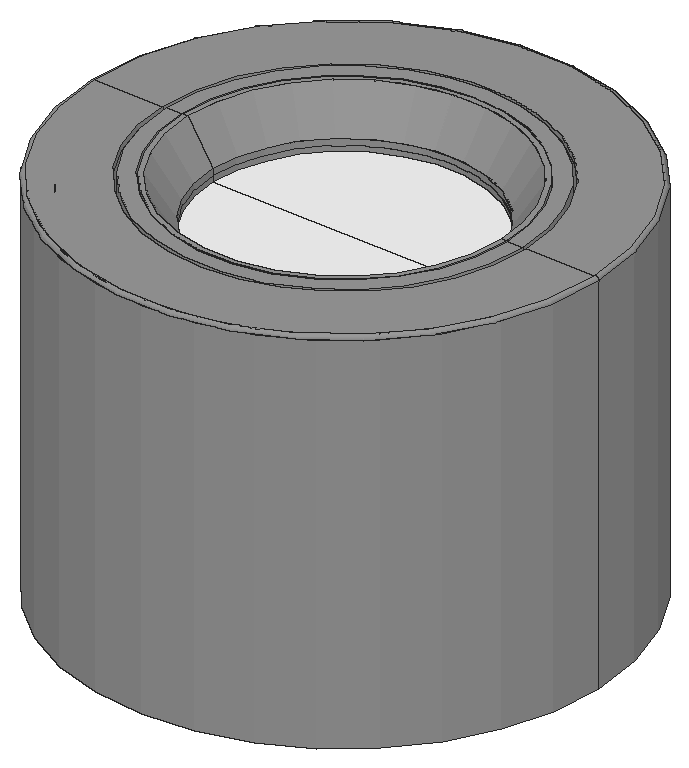
Revit family "0005342", category Lighting Fixtures, host Face, Revit 2017
Family settings
  Host = Face
  Round Connector Dimension = Use Diameter
  Part Type = Normal
  OmniClass Number = 23.80.70.00
  OmniClass Title = Lighting
  Cut with Voids When Loaded = No
  Light Source = No
  Shared = No
  Room Calculation Point = No
Parameters (values of type "0005342+0005334 Ludospot 111 Hous Round 165mm Surface WHT + Ludospot 111 3550lm 940 MB")
  Weight = "n/a"
  Wattage Comments = ""
  WarrantyStartDate [instance] = "n/a"
  WarrantyGuarantorParts = "n/a"
  WarrantyDurationUnit = "n/a"
  WarrantyDurationParts = "n/a"
  WarrantyDescription = "n/a"
  Voltage = 230 V
  URL = "http://www.sylvania-lighting.com"
  TypeName = "Ludospot 111 Hous Round 165mm Surface WHT + Ludospot 111 3550lm 940 MB"
  TypeLamp_SYL = Ludospot 111 Modules : 0005334 Ludospot 111 3550lm 940 MB
  Type Image = <None>
  Type Comments = "n/a"
  TiltAngle_SYL [instance] = 0.00°
  SerialNumber [instance] = "n/a"
  Material_3_SYL = none
  PowerFactor = 0.9
  PowerConsumption = "38 W"
  NominalLength = 165 mm
  NominalHeight = 150 mm
  NominalDepth = 165 mm
  Name = "Ludospot 111 Hous Round 165mm Surface WHT + Ludospot 111 3550lm 940 MB"
  ModelReference = Name  # "Ludospot 111 Hous Round 165mm Surface WHT + Ludospot 111 3550lm 940 MB"
  ModelNumber = "0005342+0005334"
  Model = Name  # "Ludospot 111 Hous Round 165mm Surface WHT + Ludospot 111 3550lm 940 MB"
  Material = "aluminium housing"
  ManufacturerName = "Feilo Sylvania"
  Manufacturer = "Feilo Sylvania"
  LuminousEfficacy = "93 lm/W"
  LuminaireType = ""
  LightOutputRatio = "n/a"
  LampsType = Lamp  # "LED"
  LampNominalLuminous = "3550 lm"
  LampMacAdamStep = "3"
  LampColourTemperature = "4000 K"
  LampColourRenderingIndex = "90"
  Lamp = "LED"
  Keynote = "16500"
  InstallationDate [instance] = "n/a"
  InputVoltage = "220-240 V AC"
  InputNominalFrequency = "50/60 Hz"
  IngressProtection = "IP20"
  ImpactProtectionIndex = "IK03"
  IfcExportType = "IfcLightFixtureType"
  IfcExportAs = "IfcLightFixtureType"
  EndAngle_SYL [instance] = TiltAngle_SYL + 180.00°  # 180.00°
  ElectricShockClassification = ""
  DocumentationLiterature = "http://www.sylvania-lighting.com/product/en-int/products/0005342"
  DimmingControlOptions = "n/a"
  Material_2_SYL = LED
  Description = ""
  Default Elevation = 1219.2 mm
  CreatedOn = "7/29/2019"
  CreatedBy = "@sylvania-lighting.com"
  Cost = 0
  built-in parameter 1114216 [instance] = (empty or 0)
  ClassificationValue = "EF_70_80"
  ClassificationName = "Uniclass2015"
  Material_1_SYL = Aluminum
  BarCode [instance] = "n/a"
  AssetType = "Fixed"
  AssetIdentifier [instance] = "n/a"
  Assembly Code = "D5020200"
  Apparent Load = 0 VA
  Material_4_SYL = none
Types (4, lengths in mm): name | TypeName | TypeLamp_SYL | PowerConsumption | Name | ModelReference | ModelNumber | Model | LuminousEfficacy | LampNominalLuminous | LampColourTemperature
  0005342+0005334 Ludospot 111 Hous Round 165mm Surface WHT + Ludospot 111 3550lm 940 MB | "Ludospot 111 Hous Round 165mm Surface WHT + Ludospot 111 3550lm 940 MB" | Ludospot 111 Modules : 0005334 Ludospot 111 3550lm 940 MB | "38 W" | "Ludospot 111 Hous Round 165mm Surface WHT + Ludospot 111 3550lm 940 MB" | "Ludospot 111 Hous Round 165mm Surface WHT + Ludospot 111 3550lm 940 MB" | "0005342+0005334" | "Ludospot 111 Hous Round 165mm Surface WHT + Ludospot 111 3550lm 940 MB" | "93 lm/W" | "3550 lm" | "4000 K"
  0005342+0005333 Ludospot 111 Hous Round 165mm Surface WHT + Ludospot 111 3500lm 930 MB | "Ludospot 111 Hous Round 165mm Surface WHT + Ludospot 111 3500lm 930 MB" | Ludospot 111 Modules : 0005333 Ludospot 111 3500lm 930 MB | "38 W" | "Ludospot 111 Hous Round 165mm Surface WHT + Ludospot 111 3500lm 930 MB" | "Ludospot 111 Hous Round 165mm Surface WHT + Ludospot 111 3500lm 930 MB" | "0005342+0005333" | "Ludospot 111 Hous Round 165mm Surface WHT + Ludospot 111 3500lm 930 MB" | "92 lm/W" | "3500 lm" | "3000 K"
  0005342+0005332 Ludospot 111 Hous Round 165mm Surface WHT + Ludospot 111 2225lm 940 MB | "Ludospot 111 Hous Round 165mm Surface WHT + Ludospot 111 2225lm 940 MB" | Ludospot 111 Modules : 0005332 Ludospot 111 2225lm 940 MB | "24 W" | "Ludospot 111 Hous Round 165mm Surface WHT + Ludospot 111 2225lm 940 MB" | "Ludospot 111 Hous Round 165mm Surface WHT + Ludospot 111 2225lm 940 MB" | "0005342+0005332" | "Ludospot 111 Hous Round 165mm Surface WHT + Ludospot 111 2225lm 940 MB" | "93 lm/W" | "2225 lm" | "4000 K"
  0005342+0005331 Ludospot 111 Hous Round 165mm Surface WHT + Ludospot 111 2025lm 930 MB | "Ludospot 111 Hous Round 165mm Surface WHT + Ludospot 111 2025lm 930 MB" | Ludospot 111 Modules : 0005331 Ludospot 111 2025lm 930 MB | "24 W" | "Ludospot 111 Hous Round 165mm Surface WHT + Ludospot 111 2025lm 930 MB" | "Ludospot 111 Hous Round 165mm Surface WHT + Ludospot 111 2025lm 930 MB" | "0005342+0005331" | "Ludospot 111 Hous Round 165mm Surface WHT + Ludospot 111 2025lm 930 MB" | "84 lm/W" | "2025 lm" | "3000 K"
Reference planes
  plane 1 "Center (Front/Back)": y = 0
  plane 2: z = 0
  plane 3 "Center (Left/Right)": x = 0
  plane 4: x = -82.5
  plane 5: z = 120
  plane 6: x = -74.2
  plane 7: x = -65
  plane 8: z = 95
  plane 9: x = -60.9
  plane 10: z = 118.6
  plane 11: z = 116.7
  plane 12: x = -59.1
  plane 13: x = -81.3
Forms (mm)
  Revolve 1, solid, material "Aluminum" <- "Material_1_SYL"
    sketch origin (0, 0, 0) x (1, 0, 0) y (0, 0, 1)
      loop
        arc (-81.3, 120) -> (-82.149, 119.649) -> (-82.5, 118.8) r 1.2
        line (-82.5, 118.8) -> (-82.5, 0) -> (-81.3, 0) -> (-81.3, 118.6) -> (-74.2, 118.6) -> (-74.2, 116.7) -> (-65, 116.7) -> (-65, 95) -> (-60.9, 95) -> (-60.9, 118.6) -> (-59.1, 118.6) -> (-59.1, 120) -> (-81.3, 120)
      axis (0, 120) -> (0, 0)
    angle from 360 to 0
  Revolve 2, solid, not visible
    sketch origin (-1534.635, -4572, 120) x (-1, 0, 0) y (0, -1, 0)
      loop
        line (-1534.635, -4572) -> (-1534.635, -4582) -> (-1529.635, -4582) -> (-1529.635, -4572) -> (-1534.635, -4572)
      axis (-1534.635, -4582) -> (-1534.635, -4572)
    angle from 0 <- "TiltAngle_SYL" to 180 <- "EndAngle_SYL"
Dimensions and locks
  plane 3 "Center (Left/Right)" to plane 12 to plane 9 to plane 7 to plane 6 to plane 13 to plane 4 = 59.1 mm locked, 1.8 mm locked, 4.1 mm locked, 9.2 mm locked, 7.1 mm locked, 1.2 mm locked
  plane 5 to plane 10 to plane 11 to plane 8 to plane 2 = 1.4 mm locked, 1.9 mm locked, 21.7 mm locked, 95 mm locked
  aligned and locked: plane 2 to host face
  aligned and locked: level to host face
  aligned and locked: Revolve 1 sketch curve to plane 3 "Center (Left/Right)"
  aligned and locked: Revolve 1 sketch curve to plane 5
  aligned and locked: plane 10 to Revolve 1 sketch curve  (x2)
  aligned and locked: Revolve 1 sketch curve to plane 12
  aligned and locked: Revolve 1 sketch curve to plane 9
  aligned and locked: plane 7 to Revolve 1 sketch curve
  aligned and locked: plane 8 to Revolve 1 sketch curve
  aligned and locked: plane 11 to Revolve 1 sketch curve
  aligned and locked: plane 6 to Revolve 1 sketch curve
  aligned and locked: Revolve 1 sketch curve to plane 13
  aligned and locked: level to Revolve 1 sketch curve
  aligned and locked: plane 4 to Revolve 1 sketch curve
  aligned and locked: Revolve 2 sketch curve to plane 1 "Center (Front/Back)"
  aligned and locked: Revolve 2 sketch curve to plane 3 "Center (Left/Right)"  (x2)
Automatic sketch dimensions
  host sketch curve to host sketch curve = 200 mm  (x2)
  Revolve 1 sketch curve to plane 13 = 0 mm
  Revolve 1 sketch curve to level = 609.6 mm
  plane 5 to Revolve 1 sketch curve = 2489.058 mm
  Revolve 2 sketch curve to Revolve 2 sketch curve = 5 mm
  Revolve 2 sketch curve to Revolve 2 sketch curve = 10 mm
  Revolve 2 sketch curve to Revolve 2 sketch curve = 1514 mm
  plane 1 "Center (Front/Back)" to Revolve 2 sketch curve = 1524 mm
Nested families
  nested 1: "0005342_ring" at (0, 0, 120) x (-1, 0, 0) z (0, 0, 1), type "Type 1"
    with WarrantyStartDate "n/a", SerialNumber "n/a", InstallationDate "n/a", built-in parameter 1114216 (empty or 0), BarCode "n/a", AssetIdentifier "n/a"
  nested 2: "Ludospot 111 Modules" at (0, 0, 105.4), type <- "TypeLamp_SYL", type "0005334 Ludospot 111 3550lm 940 MB"
    with WarrantyStartDate "n/a", SerialNumber "n/a", InstallationDate "n/a", built-in parameter 1114216 (empty or 0), BarCode "n/a", AssetIdentifier "n/a"
Definition of nested family "0005342_ring"
  Parameters (values of type "Type 1")
    Wattage Comments = ""
    WarrantyStartDate [instance] = "n/a"
    WarrantyGuarantorParts = "n/a"
    WarrantyDurationUnit = "n/a"
    WarrantyDurationParts = "n/a"
    WarrantyDescription = "n/a"
    URL = "http://www.sylvania-lighting.com"
    TypeName = ""
    Type Image = (empty or 0)
    Type Comments = "n/a"
    SerialNumber [instance] = "n/a"
    Material_3_SYL = none
    NominalLength = 110 mm
    NominalHeight = 0 mm
    NominalDepth = 110 mm
    Name = ""
    ModelReference = Name  # ""
    ModelNumber = ""
    Model = Name  # ""
    Material = ""
    ManufacturerName = "Feilo Sylvania"
    Manufacturer = "Feilo Sylvania"
    Lamp = "LED"
    Keynote = "16500"
    InstallationDate [instance] = "n/a"
    IfcExportType = "IfcLightFixtureType"
    IfcExportAs = "IfcLightFixtureType"
    DocumentationLiterature = ""
    Material_2_SYL = none
    Description = ""
    Default Elevation = 1219.2 mm
    CreatedOn = "7/29/2019"
    CreatedBy = "@sylvania-lighting.com"
    Cost = 0
    built-in parameter 1114216 [instance] = (empty or 0)
    ClassificationValue = "EF_70_80"
    ClassificationName = "Uniclass2015"
    Material_1_SYL = none
    BarCode [instance] = "n/a"
    AssetType = "Fixed"
    AssetIdentifier [instance] = "n/a"
    Assembly Code = "D5020200"
    Apparent Load = 0 VA
    Material_4_SYL = none
  Reference planes
    plane 1 "Center (Front/Back)": y = 0
    plane 2: z = 0
    plane 3 "Center (Left/Right)": x = 0
    plane 4: z = -100
    plane 5: z = 0
    plane 6: x = -51
    plane 7: x = -52.6
    plane 8: x = -42.8
    plane 9: z = -12.6
    plane 10: z = -14.6
    plane 11: x = -55
    plane 12: z = -2
    plane 13: x = -53
    plane 14: x = -58
    plane 15: z = -6
    plane 16: z = -16
    plane 17: z = -32
    plane 18: x = -56
  Forms (mm)
    Extrusion 1, solid
      sketch origin (4.2, 0, 0) x (1, 0, 0) y (0, 1, 0)
        loop
          line (-44.2, 40) -> (-44.2, -40) -> (35.8, -40) -> (35.8, 40) -> (-44.2, 40)
      from 0 to -68.017
    Revolve 2, solid, material <- "Material_1_SYL"
      sketch origin (0, 0, 0) x (1, 0, 0) y (0, 0, 1)
        loop
          line (-42.8, -12.6) -> (-51, 0) -> (-52.6, 0) -> (-52.6, -2) -> (-55, -2) -> (-55, -14.6) -> (-42.8, -14.6) -> (-42.8, -12.6)
        axis (0, 0) -> (0, -14.6)
      angle from 360 to 0
    Revolve 3, solid, material <- "Material_1_SYL"
      sketch origin (0, 0, 0) x (1, 0, 0) y (0, 0, 1)
        loop
          line (-53, 0) -> (-58, 0) -> (-58, -32) -> (-56, -32) -> (-56, -2) -> (-53, -2) -> (-53, 0)
        axis (0, 0) -> (0, -32)
      angle from 360 to 0
  Lines and regions (mm)
    reference lines
      curve 1: line (-51, 0, 0) -> (-42.8, 0, -12.6)
  Dimensions and locks
    equal spacing: Extrusion 1 sketch curve, plane 1 "Center (Front/Back)", Extrusion 1 sketch curve
    equal spacing: Extrusion 1 sketch curve, plane 3 "Center (Left/Right)", Extrusion 1 sketch curve
    locked: plane 3 "Center (Left/Right)" to plane 6 at 51
    locked: plane 6 to plane 7 at 1.6
    locked: plane 3 "Center (Left/Right)" to plane 8 at 42.8
    locked: plane 5 to plane 9 at 12.6
    locked: plane 9 to plane 10 at 2
    locked: plane 8 to plane 11 at 12.2
    locked: plane 5 to plane 12 at 2
    locked: plane 3 "Center (Left/Right)" to plane 13 at 53
    locked: plane 3 "Center (Left/Right)" to plane 14 at 58
    plane 5 to plane 15 to plane 16 to plane 17 = 6 mm locked, 10 mm locked, 16 mm locked
    locked: plane 3 "Center (Left/Right)" to plane 18 at 56
    aligned and locked: plane 2 to Extrusion 1
    aligned and locked: level to Extrusion 1
    aligned and locked: plane 5 to curve 1
    aligned and locked: plane 6 to curve 1
    aligned and locked: plane 8 to curve 1
    aligned and locked: plane 9 to curve 1
    aligned and locked: Revolve 2 sketch curve to plane 3 "Center (Left/Right)"
    aligned and locked: curve 1 to Revolve 2 sketch curve
    aligned and locked: plane 10 to Revolve 2 sketch curve  (x2)
    aligned and locked: Revolve 2 sketch curve to plane 8
    aligned and locked: Revolve 2 sketch curve to curve 1
    aligned and locked: Revolve 2 sketch curve to plane 5
    aligned and locked: plane 12 to Revolve 2 sketch curve
    aligned and locked: Revolve 2 sketch curve to plane 7
    aligned and locked: Revolve 2 sketch curve to plane 12
    aligned and locked: Revolve 2 sketch curve to plane 11
    aligned and locked: Revolve 3 sketch curve to plane 3 "Center (Left/Right)"
    aligned and locked: plane 13 to Revolve 3 sketch curve  (x3)
    aligned and locked: level to Revolve 3 sketch curve
    aligned and locked: plane 17 to Revolve 3 sketch curve
    aligned and locked: Revolve 3 sketch curve to plane 14
    aligned and locked: Revolve 3 sketch curve to plane 17
    aligned and locked: plane 18 to Revolve 3 sketch curve
    aligned and locked: plane 12 to Revolve 3 sketch curve
Definition of nested family "Ludospot 111 Modules"
  Parameters (values of type "0005334 Ludospot 111 3550lm 940 MB")
    Weight = "n/a"
    Wattage Comments = ""
    Wattage = 38 W
    WarrantyStartDate [instance] = "n/a"
    WarrantyGuarantorParts = "n/a"
    WarrantyDurationUnit = "n/a"
    WarrantyDurationParts = "n/a"
    WarrantyDescription = "n/a"
    built-in parameter 1150110 = 1 (stored number, unit not read)
    Voltage = 230 V
    URL = "http://www.sylvania-lighting.com"
    TypeName = "Ludospot 111 3550lm 940 MB"
    Type Image = (empty or 0)
    Type Comments = "n/a"
    built-in parameter 1114217 = 1 (stored number, unit not read)
    Tilt Angle = -90.00°
    built-in parameter 1150109 = 1 (stored number, unit not read)
    built-in parameter 1150134 = 12
    built-in parameter 1150113 = 1 (stored number, unit not read)
    SlopeHeight_SYL = if(S_SYL, 30 mm, 20 mm)  # 20 mm
    SerialNumber [instance] = "n/a"
    S_SYL = no
    RingHeight_SYL = if(S_SYL, 2.6 mm, 3.6 mm)  # 3.6 mm
    Radius_SYL = 55.5 mm
    RadiusDiff_SYL = 42.8 mm
    Radius4_SYL = if(S_SYL, 52 mm, 47.4 mm)  # 47.4 mm
    Radius3_SYL = 53.8 mm
    Radius2_SYL = 52.4 mm
    Photometric Web File = "0005334.ies"
    Material_3_SYL = none
    PowerFactor = 0.9
    PowerConsumption = "38 W"
    NominalLength = 111 mm
    NominalHeight = 80 mm
    NominalDepth = 111 mm
    Name = "Ludospot 111 3550lm 940 MB"
    ModelReference = Name  # "Ludospot 111 3550lm 940 MB"
    ModelNumber = "0005334"
    Model = Name  # "Ludospot 111 3550lm 940 MB"
    Material = "aluminium housing"
    ManufacturerName = "Feilo Sylvania"
    Manufacturer = "Feilo Sylvania"
    LuminousEfficacy = "93 lm/W"
    built-in parameter 1150105 = 281.23 (stored number, unit not read)
    Lumens = 3534 lm
    LuminaireType = ""
    built-in parameter 1150115 = 1 (stored number, unit not read)
    LightOutputRatio = "n/a"
    built-in parameter 1150137 = (empty or 0)
    built-in parameter 1150139 = (empty or 0)
    LampsType = Lamp  # "LED"
    LampNominalLuminous = "3550 lm"
    LampMacAdamStep = "3"
    LampColourTemperature = "4000 K"
    LampColourRenderingIndex = "90"
    built-in parameter 1150112 = 1 (stored number, unit not read)
    built-in parameter 1150114 = 1 (stored number, unit not read)
    Lamp = "LED"
    Keynote = "16500"
    InstallationDate [instance] = "n/a"
    InputVoltage = "220-240 V AC"
    InputNominalFrequency = "50/60 Hz"
    built-in parameter 1150132 = (empty or 0)
    built-in parameter 1150102 = (empty or 0)
    built-in parameter 1150107 = 4000 (stored number, unit not read)
    built-in parameter 1150138 = (empty or 0)
    IngressProtection = "IP20"
    ImpactProtectionIndex = "IK03"
    built-in parameter 1150106 = 2.8123 (stored number, unit not read)
    IfcExportType = "IfcLightFixtureType"
    IfcExportAs = "IfcLightFixtureType"
    Height_SYL = if(S_SYL, 42.6 mm, 82.5 mm)  # 82.5 mm
    Emit from Circle Diameter = RadiusDiff_SYL * 2  # 85.6 mm
    Emit Shape Visible in Rendering = no
    ElectricShockClassification = "Class II"
    built-in parameter 1150104 = 8.64 (stored number, unit not read)
    DocumentationLiterature = "http://www.sylvania-lighting.com/product/en-int/products/0005334"
    DimmingControlOptions = "n/a"
    Material_2_SYL = none
    Dimming Lamp Color Temperature Shift = (empty or 0)
    Description = ""
    Default Elevation = 1219.2 mm
    CreatedOn = "7/29/2019"
    CreatedBy = "@sylvania-lighting.com"
    Cost = 0
    Color Filter = 16777215
    built-in parameter 1114216 [instance] = (empty or 0)
    ClassificationValue = "EF_70_80"
    ClassificationName = "Uniclass2015"
    Material_1_SYL = none
    BarCode [instance] = "n/a"
    built-in parameter 1114218 = 1 (stored number, unit not read)
    built-in parameter 1150133 = 10 (stored number, unit not read)
    AssetType = "Fixed"
    AssetIdentifier [instance] = "n/a"
    Assembly Code = "D5020200"
    Apparent Load = 38 VA
    Material_4_SYL = none
  Types (4, lengths in mm): name | Wattage | TypeName | built-in parameter 1150134 | SlopeHeight_SYL | S_SYL | RingHeight_SYL | Radius4_SYL | Photometric Web File | PowerConsumption | NominalHeight | Name | ModelReference | ModelNumber | Model | LuminousEfficacy | built-in parameter 1150105 | Lumens | LampNominalLuminous | LampColourTemperature | built-in parameter 1150107 | built-in parameter 1150106 | Height_SYL | built-in parameter 1150104 | DocumentationLiterature | Apparent Load
    0005334 Ludospot 111 3550lm 940 MB | 38 W | "Ludospot 111 3550lm 940 MB" | 12 | 20 | no | 3.6 | 47.4 | "0005334.ies" | "38 W" | 80 | "Ludospot 111 3550lm 940 MB" | "Ludospot 111 3550lm 940 MB" | "0005334" | "Ludospot 111 3550lm 940 MB" | "93 lm/W" | 281.23 (stored number, unit not read) | 3534 lm | "3550 lm" | "4000 K" | 4000 (stored number, unit not read) | 2.8123 (stored number, unit not read) | 82.5 | 8.64 (stored number, unit not read) | "http://www.sylvania-lighting.com/product/en-int/products/0005334" | 38 VA
    0005333 Ludospot 111 3500lm 930 MB | 38 W | "Ludospot 111 3500lm 930 MB" | (empty or 0) | 20 | no | 3.6 | 47.4 | "0005333.ies" | "38 W" | 80 | "Ludospot 111 3500lm 930 MB" | "Ludospot 111 3500lm 930 MB" | "0005333" | "Ludospot 111 3500lm 930 MB" | "92 lm/W" | 278.2 (stored number, unit not read) | 3496 lm | "3500 lm" | "3000 K" | 3000 (stored number, unit not read) | 2.782 (stored number, unit not read) | 82.5 | 8.5471 (stored number, unit not read) | "http://www.sylvania-lighting.com/product/en-int/products/0005333" | 38 VA
    0005332 Ludospot 111 2225lm 940 MB | 24 W | "Ludospot 111 2225lm 940 MB" | 12 | 30 | yes | 2.6 | 52 | "0005332.ies" | "24 W" | 43 | "Ludospot 111 2225lm 940 MB" | "Ludospot 111 2225lm 940 MB" | "0005332" | "Ludospot 111 2225lm 940 MB" | "93 lm/W" | 177.62 (stored number, unit not read) | 2232 lm | "2225 lm" | "4000 K" | 4000 (stored number, unit not read) | 1.7762 (stored number, unit not read) | 42.6 | 8.64 (stored number, unit not read) | "http://www.sylvania-lighting.com/product/en-int/products/0005332" | 24 VA
    0005331 Ludospot 111 2025lm 930 MB | 24 W | "Ludospot 111 2025lm 930 MB" | (empty or 0) | 30 | yes | 2.6 | 52 | "0005331.ies" | "24 W" | 43 | "Ludospot 111 2025lm 930 MB" | "Ludospot 111 2025lm 930 MB" | "0005331" | "Ludospot 111 2025lm 930 MB" | "84 lm/W" | 160.43 (stored number, unit not read) | 2016 lm | "2025 lm" | "3000 K" | 3000 (stored number, unit not read) | 1.6043 (stored number, unit not read) | 42.6 | 7.8039 (stored number, unit not read) | "http://www.sylvania-lighting.com/product/en-int/products/0005331" | 24 VA
  Reference planes
    plane 1 "Center (Front/Back)": y = 0
    plane 2: z = 0
    plane 3 "Center (Left/Right)": x = 0
    plane 4: x = -55.5
    plane 5: z = -5.35
    plane 6: x = -52.4
    plane 7: z = -10.75
    plane 8: x = -42.8
    plane 9: z = -1.75
    plane 10: x = -53.8
    plane 11: x = -47.4
    plane 12: z = -30.75
    plane 13: z = 40.75
    plane 14: z = -82.5
  Forms (mm)
    Extrusion 1, solid
      sketch origin (1119.2, -1119.2, 0) x (1, 0, 0) y (0, 1, 0)
        loop
          line (-1219.2, 1219.2) -> (-1219.2, 1019.2) -> (-1019.2, 1019.2) -> (-1019.2, 1219.2) -> (-1219.2, 1219.2)
      from 0 to -10
    Revolve 2, solid, material <- "Material_1_SYL"
      sketch origin (0, 0, 0) x (1, 0, 0) y (0, 0, 1)
        loop
          line (0, -1.75) -> (-42.8, -1.75) -> (-42.8, 0) -> (-52.4, 0) -> (-52.4, -1.75) -> (-55.5, -1.75) -> (-55.5, -5.35) -> (-53.8, -5.35) -> (-53.8, -10.75) -> (-47.4, -10.75) -> (-42.8, -30.75) -> (-42.8, -82.5) -> (0, -82.5) -> (0, -1.75)
        axis (0, 0) -> (0, -82.5)
      angle from 360 to 0
  Dimensions and locks
    "Radius_SYL": plane 3 "Center (Left/Right)" to plane 4
    "Radius2_SYL": plane 3 "Center (Left/Right)" to plane 6
    "RadiusDiff_SYL": plane 3 "Center (Left/Right)" to plane 8
    locked: plane 2 to plane 9 at 1.75
    "RingHeight_SYL": plane 9 to plane 5
    locked: plane 5 to plane 7 at 5.4
    "Radius3_SYL": plane 3 "Center (Left/Right)" to plane 10
    "Radius4_SYL": plane 3 "Center (Left/Right)" to plane 11
    "SlopeHeight_SYL": plane 7 to plane 12
    "Height_SYL": level to plane 14
    aligned and locked: plane 2 to Extrusion 1
    aligned and locked: level to Extrusion 1
    aligned and locked: plane 3 "Center (Left/Right)" to imposter light
    aligned and locked: imposter light to plane 1 "Center (Front/Back)"
    aligned and locked: Revolve 2 sketch curve to plane 9  (x2)
    aligned and locked: plane 8 to Revolve 2 sketch curve
    aligned and locked: level to Revolve 2 sketch curve
    aligned and locked: Revolve 2 sketch curve to plane 6
    aligned and locked: Revolve 2 sketch curve to plane 4
    aligned and locked: plane 5 to Revolve 2 sketch curve
    aligned and locked: plane 7 to Revolve 2 sketch curve
    aligned and locked: plane 10 to Revolve 2 sketch curve
    aligned and locked: plane 12 to Revolve 2 sketch curve
    aligned and locked: Revolve 2 sketch curve to plane 8
    aligned and locked: plane 14 to Revolve 2 sketch curve
    aligned and locked: plane 3 "Center (Left/Right)" to Revolve 2 sketch curve
    aligned and locked: Revolve 2 sketch curve to plane 3 "Center (Left/Right)"
    aligned and locked: imposter light to plane 9
  Automatic sketch dimensions
    Extrusion 1 sketch curve to Extrusion 1 sketch curve = 200 mm  (x2)
    plane 11 to Revolve 2 sketch curve = 0 mm
    plane 14 to Revolve 2 sketch curve = 527.1 mm
    Revolve 2 sketch curve to plane 13 = 2568.308 mm
